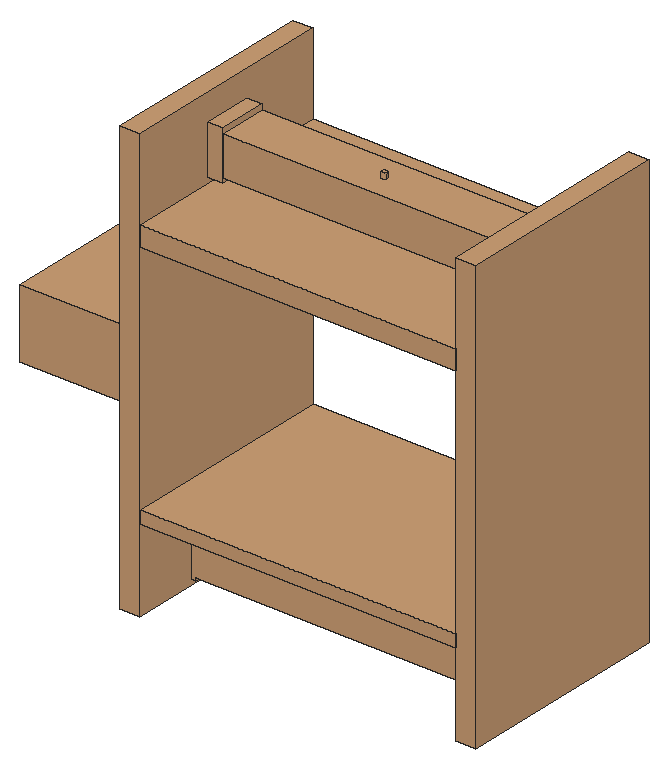
Revit family
Parameters
  Center of Unit = 0' - 0"  # constant formula
  Total Heating Capacity [instance] = 0.0 Btu/h
  Series = "VIFB"
  Outlet Area = 5.39 SF
  Lower Frame Thickness = if(Headers Height = 0' 3", 0' 1 1/4", if(Headers Height = 0' 3 1/4", 0' 1 1/4", 0' 0"))  # 0' - 1 1/4"
  Water Pressure Drop [instance] = 0.00 psi
  Water Flow [instance] = 0 GPM
  Unit Weight (lbs) = 369
  URL = "http://www.ljwing.com/"
  Water Outlet Radius = 0' - 1 1/2"
  Headers Height = if(M = 0' 1", 0' 3", if(M = 0' 1 1/2", 0' 3 1/4", 0' 0"))  # 0' - 3"
  Number of Rows = 2  # constant formula
  Number of Coils [instance] = 0
  Nominal Length = 3' - 0 3/16"
  N = 1' - 0 3/4"
  Model = "VA-3W"
  Manufacturer = "LJ Wing"
  M = 0' - 1"
  Leaving Water Temperature [instance] = 0 °F
  Leaving Air Temperature [instance] = 0 °F
  Entering Water Temperature [instance] = 0 °F
  Entering Air Temperature [instance] = 0 °F
  Description = "Vertical Integral Face & Bypass Water Heating Coils"
  Hot Water Inlet  Radius = 0' - 1 1/2"
  Coil Face Area = Outlet Area * 0.56  # 3.0184 SF
  Casing Material = ""
  Assembly Code = "D3020300"
  Air Vent Radius = 0' - 0 1/4"
  Air Pressure Drop [instance] = 0.00 in-wg
  Air Inlet Width = Nominal Length - 0' 4"  # 2' - 8 3/16"
  Air Inlet Height = Y  # 2' - 0"
  Air Flow [instance] = 0 CFM
  Y = 2' - 0"
  S = 0' - 9 3/4"  # constant formula
  Product URL = "http://www.ljwing.com/html/vifb.asp"
  OmniClass = "23-75 70 21 14 "
  Nominal Height = 3' - 8"
  Nominal Depth = 1' - 10"
  R = 0' - 10 1/4"  # constant formula
  Q = 0' - 3 3/32"
Reference planes (in)
  plane 1 "Center (Front/Back)": y = 0
  plane 2: z = -12
  plane 3 "Center (Left/Right)": x = 0
  plane 4: z = 22.25
  plane 5: x = -18.09375
  plane 6: x = 18.09375
  plane 7: z = -21.75
  plane 8: z = 0
  plane 9: y = -11
  plane 10: y = 11
  plane 11: z = 12
  plane 12: z = 14
  plane 13: z = -13.25
  plane 14: x = 16.09375
  plane 15: x = -16.09375
  plane 16: x = -15
  plane 17: x = 15
  plane 18: y = 14.0625
  plane 19: x = -29.09375
  plane 20: z = 19.125
  plane 21: z = 15.125
  plane 22: y = -2.5
  plane 23: y = 2.5
  plane 24: y = -4.5
  plane 25: z = -19.375
  plane 26: x = -5.34375
  plane 27: x = 5.34375
  plane 28: z = -15.375
Forms (in)
  Extrusion 1, solid, material "Painted Finish"
    sketch origin (0, 6, -9.75) x (1, 0, 0) y (0, 0, 1)
      loop
        line (-18.09375, -12) -> (-16.09375, -12) -> (-16.09375, 32) -> (-18.09375, 32) -> (-18.09375, -12)
      loop
        line (18.09375, -12) -> (18.09375, 32) -> (16.09375, 32) -> (16.09375, -12) -> (18.09375, -12)
    from -5 to 17
  Extrusion 2, solid, material "Painted Finish"
    sketch origin (0, 6, 0) x (1, 0, 0) y (0, 0, 1)
      loop
        line (16.09375, -12) -> (-16.09375, -12) -> (-16.09375, -13.25) -> (16.09375, -13.25) -> (16.09375, -12)
      loop
        line (16.09375, 12) -> (16.09375, 14) -> (-16.09375, 14) -> (-16.09375, 12) -> (16.09375, 12)
    from -5 to 17
  Extrusion 3, solid, material "Painted Finish"
    sketch origin (0, 10, -0.5) x (1, 0, 0) y (0, 0, 1)
      loop
        line (-18.09375, 4) -> (-29.09375, 4) -> (-29.09375, -3) -> (-18.09375, -3) -> (-18.09375, 4)
    from 0 to 20
  Extrusion 4, solid, material "Painted Finish"
    sketch origin (0, 6, 0) x (1, 0, 0) y (0, 0, 1)
      loop
        line (-14.46875, 19.125) -> (-14.46875, 15.125) -> (14.46875, 15.125) -> (14.46875, 19.125) -> (-14.46875, 19.125)
    from 3.5 to 8.5
  Extrusion 5, solid, material "Painted Finish"
    sketch origin (0, 0, 0) x (1, 0, 0) y (0, 0, 1)
      loop
        line (-14.46875, 14.625) -> (-14.46875, 19.625) -> (-16.09375, 19.625) -> (-16.09375, 14.625) -> (-14.46875, 14.625)
      loop
        line (16.09375, 14.625) -> (16.09375, 19.625) -> (14.46875, 19.625) -> (14.46875, 14.625) -> (16.09375, 14.625)
    from -2.5 to 2.5
  Extrusion 6, solid, material "Painted Finish"
    sketch origin (0, 6, 0) x (1, 0, 0) y (0, 0, 1)
      loop
        line (-15.59375, -13.875) -> (-15.59375, -13.625) -> (-16.09375, -13.625) -> (-16.09375, -17.125) -> (-15.59375, -17.125) -> (-15.59375, -16.875) -> (15.59375, -16.875) -> (15.59375, -17.125) -> (16.09375, -17.125) -> (16.09375, -13.625) -> (15.59375, -13.625) -> (15.59375, -13.875) -> (-15.59375, -13.875)
      loop
        line (15.59375, -20.875) -> (15.59375, -21.125) -> (16.09375, -21.125) -> (16.09375, -17.625) -> (15.59375, -17.625) -> (15.59375, -17.875) -> (-15.59375, -17.875) -> (-15.59375, -17.625) -> (-16.09375, -17.625) -> (-16.09375, -21.125) -> (-15.59375, -21.125) -> (-15.59375, -20.875) -> (15.59375, -20.875)
    from -5 to 10.5
  Extrusion 7, void
    sketch origin (0, 0, 0) x (1, 0, 0) y (0, 0, 1)
      loop
        line (-16.09375, 12) -> (-16.09375, -12) -> (16.09375, -12) -> (16.09375, 12) -> (-16.09375, 12)
    from -11 to 11
  Extrusion 8, solid, material "Painted Finish"
    sketch origin (0, 0, 0) x (1, 0, 0) y (0, 0, 1)
      loop
        circle (5.34375, -19.375) r 1
      loop
        circle (-5.34375, -15.375) r 1
    from -14.0625 to -11
  Extrusion 9, solid, material "Painted Finish"
    sketch origin (0, 0, 0) x (1, 0, 0) y (0, 1, 0)
      loop
        circle (0, 0) r 0.25
    from 19.125 to 19.625
Cuts and joins
  Extrusion 7 cuts Extrusion 1
  Extrusion 7 cuts Extrusion 2
Dimensions and locks (in)
  "Nominal Length": plane 6 to plane 5
  equal spacing: plane 6, plane 3 "Center (Left/Right)", plane 5
  "S": plane 2 to plane 7
  "Nominal Depth": plane 10 to plane 9
  equal spacing: plane 10, plane 1 "Center (Front/Back)", plane 9
  "Y": plane 11 to plane 2
  "R": plane 4 to plane 11
  locked: plane 12 to plane 11 at 2
  "Lower Frame Thickness": plane 2 to plane 13
  "Q": plane 16 to plane 5
  "Q": plane 6 to plane 17
  locked: plane 18 to plane 10 at 3.0625
  locked: plane 5 to plane 19 at 11
  locked: Extrusion 3 sketch curve to Extrusion 3 sketch curve at 7
  locked: Extrusion 3 to Extrusion 3 at 20
  locked: plane 6 to plane 14 at 2
  locked: plane 15 to plane 5 at 2
  locked: Extrusion 5 sketch curve to plane 20 at 0.5
  locked: plane 21 to Extrusion 5 sketch curve at 0.5
  locked: plane 20 to plane 21 at 4
  locked: plane 23 to plane 22 at 5
  equal spacing: plane 23, plane 1 "Center (Front/Back)", plane 22
  locked: plane 22 to plane 24 at 2
  plane 4 to plane 7 = 3' - 8"
  locked: Extrusion 5 sketch curve to Extrusion 1 at 1.625
  locked: Extrusion 5 sketch curve to Extrusion 5 sketch curve at 1.625
  locked: Extrusion 7 sketch curve to plane 11 at 0
  locked: Extrusion 7 sketch curve to plane 15 at 0
  locked: Extrusion 7 sketch curve to plane 14 at 0
  locked: plane 15 to Extrusion 6 sketch curve at 0.5
  locked: Extrusion 6 sketch curve to Extrusion 6 sketch curve at 0.25  (x2)
  locked: plane 25 to plane 7 at 2.375
  "N": plane 26 to plane 5
  "N": plane 6 to plane 27
  locked: plane 28 to plane 7 at 6.375
  "Headers Height": Extrusion 6 sketch curve to Extrusion 6 sketch curve  (x2)
  locked: Extrusion 8 sketch curve to plane 25 at 0
  locked: Extrusion 8 sketch curve to plane 28 at 0
  locked: Extrusion 9 sketch curve to plane 1 "Center (Front/Back)" at 0
  locked: Extrusion 9 sketch curve to plane 3 "Center (Left/Right)" at 0
  equal spacing: Extrusion 6 sketch curve, plane 28, Extrusion 6 sketch curve
  equal spacing: Extrusion 6 sketch curve, plane 25, Extrusion 6 sketch curve
  locked: plane 4 to plane 20 at 3.125
  locked: Extrusion 7 sketch curve to plane 2 at 0
  equal spacing: plane 11, plane 8, plane 2
  locked: Extrusion 8 sketch curve to plane 27 at 0
  locked: Extrusion 8 sketch curve to plane 26 at 0
  "M": radius of Extrusion 8 sketch curve  (x2)
  "Air Vent Radius": radius of Extrusion 9 sketch curve
  aligned and locked: plane 9 to Extrusion 1
  aligned and locked: Extrusion 1 to plane 10
  aligned and locked: plane 15 to Extrusion 1
  aligned and locked: Extrusion 1 to plane 14
  aligned and locked: plane 9 to Extrusion 2
  aligned and locked: Extrusion 1 to plane 9
  aligned and locked: plane 10 to Extrusion 1  (x2)
  aligned and locked: Extrusion 2 to plane 10
  aligned and locked: plane 10 to Extrusion 2  (x2)
  aligned and locked: Extrusion 2 to plane 9  (x2)
  aligned and locked: plane 5 to Extrusion 3
  aligned and locked: Extrusion 5 sketch curve to plane 15
  aligned and locked: Extrusion 5 sketch curve to Extrusion 4
  aligned and locked: Extrusion 1 to Extrusion 6
  aligned and locked: plane 22 to Extrusion 5
  aligned and locked: Extrusion 5 to Extrusion 4  (x2)
  aligned and locked: Extrusion 5 to plane 23
  aligned and locked: plane 24 to Extrusion 6
  aligned and locked: Extrusion 4 to Extrusion 5  (x2)
  aligned and locked: Extrusion 5 to Extrusion 1  (x2)
  aligned and locked: Extrusion 1 to Extrusion 7  (x2)
  aligned and locked: Extrusion 8 to plane 18
  aligned and locked: plane 10 to Extrusion 8
  aligned and locked: plane 20 to Extrusion 9
  aligned and locked: Extrusion 9 to Extrusion 5
  aligned and locked: plane 2 to cut or joined group of Extrusion 2, Extrusion 7
  aligned and locked: plane 6 to Extrusion 1 sketch curve
  aligned and locked: plane 14 to Extrusion 1 sketch curve
  aligned and locked: Extrusion 1 sketch curve to plane 15
  aligned and locked: Extrusion 1 sketch curve to plane 5
  aligned and locked: Extrusion 1 sketch curve to plane 4  (x2)
  aligned and locked: plane 7 to Extrusion 1 sketch curve  (x2)
  aligned and locked: Extrusion 2 sketch curve to plane 11
  aligned and locked: Extrusion 2 sketch curve to plane 12
  aligned and locked: plane 2 to Extrusion 2 sketch curve
  aligned and locked: Extrusion 2 sketch curve to plane 13
  aligned and locked: Extrusion 2 sketch curve to plane 14  (x2)
  aligned and locked: Extrusion 2 sketch curve to plane 15  (x2)
  aligned and locked: plane 20 to Extrusion 4 sketch curve
  aligned and locked: Extrusion 4 sketch curve to plane 21
  aligned and locked: Extrusion 6 sketch curve to plane 14  (x2)
  aligned and locked: plane 15 to Extrusion 6 sketch curve  (x2)
Automatic sketch dimensions
  Extrusion 3 sketch curve to plane 19 = 0' - 0"
  Extrusion 3 sketch curve to plane 5 = 0' - 0"
  plane 8 to Extrusion 3 sketch curve = 0' - 3 1/2"
  plane 16 to Extrusion 4 sketch curve = 0' - 0 17/32"
  Extrusion 4 sketch curve to plane 17 = 0' - 0 17/32"
  plane 21 to Extrusion 5 sketch curve = 0' - 0 1/2"
  Extrusion 5 sketch curve to plane 20 = 0' - 0 1/2"
  plane 15 to Extrusion 6 sketch curve = 0' - 0 1/2"  (x2)
  Extrusion 6 sketch curve to Extrusion 6 sketch curve = 0' - 0 1/4"  (x5)
  Extrusion 6 sketch curve to Extrusion 6 sketch curve = 0' - 0"  (x2)
  Extrusion 6 sketch curve to plane 14 = 0' - 0 1/2"  (x2)
  Extrusion 6 sketch curve to Extrusion 6 sketch curve = 0' - 0 1/2"
  Extrusion 6 sketch curve to plane 7 = 0' - 0 5/8"
Connectors (in)
  hvac at (0, -11, 0), driven by "Air Inlet Height", driven by "Air Inlet Width", driven by "Air Flow", driven by "Air Pressure Drop"
    settings: on Extrusion 7, index 1
  hvac at (0, 11, 0), driven by "Air Pressure Drop", driven by "Air Inlet Height", driven by "Air Inlet Width", driven by "Air Flow"
    settings: on Extrusion 7, index 2
  piping at (-5.34375, 14.0625, -15.375), driven by "M", driven by "Water Flow", driven by "Water Pressure Drop"
    settings: on Extrusion 8, index 4
  piping at (5.34375, 14.0625, -19.375), driven by "Water Pressure Drop", driven by "Water Flow", driven by "M"
    settings: on Extrusion 8, index 5
